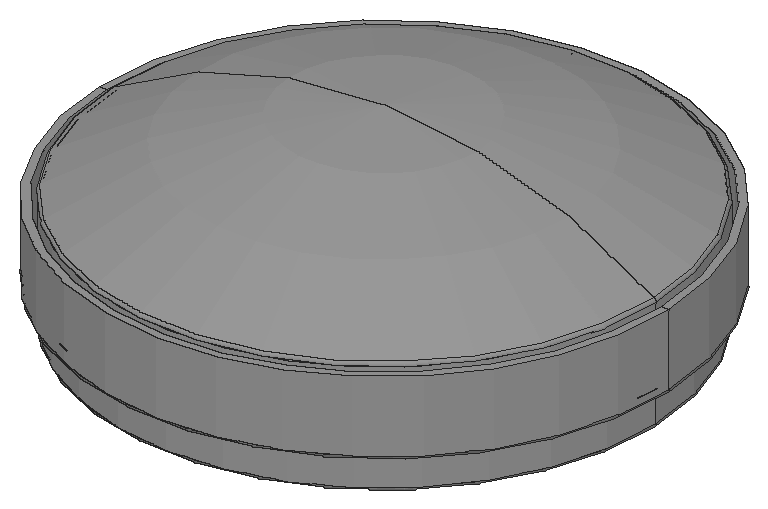
Revit family "3034780 Sylvania Lighting Fixture GIOTTO305 LED G2 4000K SURFACE 1-10V MW", category Lighting Fixtures, host Face, Revit 2016
Family settings
  Host = Face
  Part Type = Normal
  Round Connector Dimension = Use Diameter
  OmniClass Number = 23.80.70.00
  OmniClass Title = Lighting
  Cut with Voids When Loaded = No
  Light Source = Yes
  Shared = No
  Room Calculation Point = No
Parameters (values of type "3034780 GIOTTO305 LED G2 4000K SURFACE 1-10V MW")
  Weight = "1.11 kg"
  Wattage Comments = ""
  Wattage = 19 W
  WarrantyStartDate [instance] = "n/a"
  WarrantyGuarantorParts = "n/a"
  WarrantyDurationUnit = "n/a"
  WarrantyDurationParts = "n/a"
  WarrantyDescription = "n/a"
  built-in parameter 1150110 = 1 (stored number, unit not read)
  Voltage = 0 V
  URL = "http://www.sylvania-lighting.com"
  TypeName = "GIOTTO305 LED G2 4000K SURFACE 1-10V MW"
  Type Image = <None>
  Type Comments = "n/a"
  built-in parameter 1114217 = 1 (stored number, unit not read)
  Tilt Angle = -90.00°
  built-in parameter 1150109 = 1 (stored number, unit not read)
  built-in parameter 1150134 = 12
  built-in parameter 1150113 = 1 (stored number, unit not read)
  SerialNumber [instance] = "n/a"
  Photometric Web File = "3034780.ies"
  Material_3_SYL = LED-Sylvania
  PowerFactor = 0
  PowerConsumption = "19 W"
  NominalLength = 305 mm
  NominalHeight = 104 mm
  NominalDepth = 305 mm
  Name = "GIOTTO305 LED G2 4000K SURFACE 1-10V MW"
  ModelReference = Name  # "GIOTTO305 LED G2 4000K SURFACE 1-10V MW"
  ModelNumber = "3034780"
  Model = Name  # "GIOTTO305 LED G2 4000K SURFACE 1-10V MW"
  Material = "polycarbonate housing, polycarbonate diffuser"
  ManufacturerName = "Feilo Sylvania"
  Manufacturer = "Feilo Sylvania"
  LuminousEfficacy = "89 lm/W"
  built-in parameter 1150105 = 134.57 (stored number, unit not read)
  Lumens = 1691 lm
  LuminaireType = ""
  built-in parameter 1150115 = 1 (stored number, unit not read)
  LightOutputRatio = "n/a"
  built-in parameter 1150137 = (empty or 0)
  built-in parameter 1150139 = (empty or 0)
  LampsType = Lamp  # "LED"
  LampNominalLuminous = "1690 lm"
  LampMacAdamStep = "n/a"
  LampColourTemperature = "4000 K"
  LampColourRenderingIndex = "80"
  built-in parameter 1150112 = 1 (stored number, unit not read)
  built-in parameter 1150114 = 1 (stored number, unit not read)
  Lamp = "LED"
  Keynote = "16500"
  InstallationDate [instance] = "n/a"
  InputVoltage = "n/a"
  InputNominalFrequency = "n/a"
  built-in parameter 1150132 = (empty or 0)
  built-in parameter 1150102 = (empty or 0)
  built-in parameter 1150107 = 4000 (stored number, unit not read)
  built-in parameter 1150138 = (empty or 0)
  IngressProtection = "IP44"
  ImpactProtectionIndex = "IK10"
  built-in parameter 1150106 = 1.3457 (stored number, unit not read)
  IfcExportType = "IfcLightFixtureType"
  IfcExportAs = "IfcLightFixtureType"
  Height_SYL = 104 mm
  ExpectedLife = 50000
  Emit from Circle Diameter = 317 mm
  Emit Shape Visible in Rendering = no
  ElectricShockClassification = "Class I"
  built-in parameter 1150104 = 8.2684 (stored number, unit not read)
  DurationUnit = "hours"
  DocumentationLiterature = "http://www.sylvania-lighting.com/product/en-int/products/3034780"
  DimmingControlOptions = "n/a"
  Material_2_SYL = Polycarbonate_Sylvania_Giotto_Opal
  Dimming Lamp Color Temperature Shift = <None>
  DiffuserRadius_SYL = 282.611 mm
  Diameter_SYL = 305 mm
  Description = "Ambient and decorative round, surface mounted LED bulkhead luminaire. White robust polycarbonate body with opal diffuser, 1690 lm, 19W, 89lm/W, 4000K, CRI 80, 1-10V dimmable, integral microwave sensor. 50,000 hours lumen maintenance. Drive current: 700mA, IP44, IK10, Class I, 220-240V, Energy class: A++, A+, A."
  Default Elevation = 1219.2 mm
  CreatedOn = "11/7/2018"
  CreatedBy = "@sylvania-lighting.com"
  Cost = 0
  Color Filter = 16777215
  built-in parameter 1114216 [instance] = (empty or 0)
  ClassificationValue = "EF_70_80"
  ClassificationName = "Uniclass2015"
  Material_1_SYL = Polycarbonate_Sylvania_Giotto_White
  BarCode [instance] = "n/a"
  built-in parameter 1114218 = 1 (stored number, unit not read)
  built-in parameter 1150133 = 10 (stored number, unit not read)
  AssetType = "Fixed"
  AssetIdentifier [instance] = "n/a"
  Assembly Code = "D5020200"
  Apparent Load = 19 VA
  Material_4_SYL = none
Reference planes
  plane 1 "Center (Front/Back)": y = 0
  plane 2: z = 0
  plane 3 "Center (Left/Right)": x = 0
  plane 4: x = 152.5
  plane 5: x = -152.5
  plane 6: x = -145.5
  plane 7: x = -148.5
  plane 8: z = 104
  plane 9: z = 59
  plane 10: z = 19
  plane 11: z = 24
  plane 12: x = -150.9
  plane 13: z = 20.6
  plane 14: z = 1.6
  plane 15: x = -143.9
  plane 16: z = 18
  plane 17: x = -146.5
  plane 18: z = 25
  plane 19: z = 61
Forms (mm)
  Revolve 1, solid, material "Polycarbonate_Sylvania_Giotto_White" <- "Material_1_SYL"
    sketch origin (0, 0, 0) x (1, 0, 0) y (0, 0, 1)
      loop
        line (0, 0) -> (0, 25) -> (-143.9, 25) -> (-143.9, 24) -> (-148.5, 24) -> (-148.5, 59) -> (-152.5, 59) -> (-152.5, 20.6)
        arc (-152.5, 20.6) -> (-152.031, 19.469) -> (-150.9, 19) r 1.6
        line (-150.9, 19) -> (-146.5, 19)
        arc (-146.5, 19) -> (-145.793, 18.707) -> (-145.5, 18) r 1
        line (-145.5, 18) -> (-145.5, 1.6)
        arc (-145.5, 1.6) -> (-145.031, 0.469) -> (-143.9, 0) r 1.6
        line (-143.9, 0) -> (0, 0)
      axis (0, 59) -> (0, 0)
    angle from 360 to 0
  Revolve 2, solid, material "Polycarbonate_Sylvania_Giotto_Opal" <- "Material_2_SYL"
    sketch origin (0, 0, 0) x (1, 0, 0) y (0, 0, 1)
      loop
        line (-145.5, 24) -> (-143.9, 24) -> (-143.9, 59.636)
        arc (-143.9, 59.636) -> (-143.79, 60.068) -> (-143.485, 60.394) r 0.9
        arc (-143.485, 60.394) -> (-74.754, 91.683) -> (0, 102.4) r 266.066
        line (0, 102.4) -> (0, 104)
        arc (0, 104) -> (-75.203, 93.218) -> (-144.348, 61.742) r 267.666
        arc (-144.348, 61.742) -> (-145.193, 60.836) -> (-145.5, 59.636) r 2.5
        line (-145.5, 59.636) -> (-145.5, 24)
      axis (0, 104) -> (0, 24)
    angle from 360 to 0
Dimensions and locks
  equal spacing: plane 4, plane 3 "Center (Left/Right)", plane 5
  "Diameter_SYL": plane 4 to plane 5
  locked: plane 6 to plane 5 at 7
  locked: plane 7 to plane 5 at 4
  "Height_SYL": plane 8 to plane 2
  locked: plane 8 to plane 9 at 45
  locked: plane 9 to plane 10 at 40
  Revolve 1 sketch curve to Revolve 1 sketch curve = 4.4 mm
  locked: plane 11 to plane 10 at 5
  locked: plane 12 to plane 5 at 1.6
  locked: plane 13 to plane 10 at 1.6
  locked: plane 14 to plane 2 at 1.6
  locked: plane 15 to plane 6 at 1.6
  locked: plane 6 to plane 17 at 1
  locked: plane 10 to plane 16 at 1
  locked: plane 18 to plane 11 at 1
  locked: plane 19 to plane 9 at 2
  aligned and locked: plane 2 to host face
  aligned and locked: level to host face
  aligned and locked: Revolve 1 sketch curve to plane 3 "Center (Left/Right)"
  aligned and locked: level to Revolve 1 sketch curve
  aligned and locked: Revolve 1 sketch curve to plane 10
  aligned and locked: plane 9 to Revolve 1 sketch curve
  aligned and locked: Revolve 1 sketch curve to plane 7
  aligned and locked: plane 12 to Revolve 1 sketch curve  (x2)
  aligned and locked: plane 13 to Revolve 1 sketch curve  (x2)
  aligned and locked: plane 15 to Revolve 1 sketch curve  (x3)
  aligned and locked: plane 14 to Revolve 1 sketch curve  (x2)
  aligned and locked: plane 3 "Center (Left/Right)" to imposter light
  aligned and locked: imposter light to plane 1 "Center (Front/Back)"
  aligned and locked: plane 18 to Revolve 1 sketch curve
  aligned and locked: plane 11 to Revolve 1 sketch curve
  aligned and locked: imposter light to plane 8
  aligned and locked: plane 6 to Revolve 1 sketch curve
  aligned and locked: plane 17 to Revolve 1 sketch curve
  aligned and locked: plane 16 to Revolve 1 sketch curve
  aligned and locked: Revolve 2 sketch curve to plane 3 "Center (Left/Right)"
  aligned and locked: plane 6 to Revolve 2 sketch curve
  aligned and locked: plane 3 "Center (Left/Right)" to Revolve 2 sketch curve
  aligned and locked: plane 11 to Revolve 2 sketch curve
  aligned and locked: Revolve 2 sketch curve to imposter light
Automatic sketch dimensions
  host sketch curve to host sketch curve = 2438.4 mm  (x2)
  Revolve 1 sketch curve to plane 3 "Center (Left/Right)" = 0 mm
  Revolve 1 sketch curve to level = 609.6 mm
  Revolve 1 sketch curve to plane 8 = 2499.058 mm
  Revolve 2 sketch curve to Revolve 2 sketch curve = 0 mm  (x4)
  Revolve 2 sketch curve to plane 15 = 0 mm
  Revolve 2 sketch curve to plane 8 = 0 mm
  plane 15 to Revolve 2 sketch curve = 0.9 mm
  Revolve 2 sketch curve to level = 163.666 mm
  Revolve 2 sketch curve to plane 9 = 0.636 mm
  Revolve 2 sketch curve to Revolve 2 sketch curve = 445.934 mm
  Revolve 2 sketch curve to plane 8 = 2505.058 mm
Connectors
  electrical at (0, 0, 0), driven by "Apparent Load", driven by "PowerFactor", driven by "Voltage"
    settings: index 1, voltage 0 V, apparent load 19 VA, apparent load phase1 0 VA, apparent load phase2 0 VA, apparent load phase3 0 VA, power factor 0, load classification "Lighting", number of poles 1, system type 30, power factor state 1, is connector primary yes, connector utility no, sub classification motor no, connector description ""
